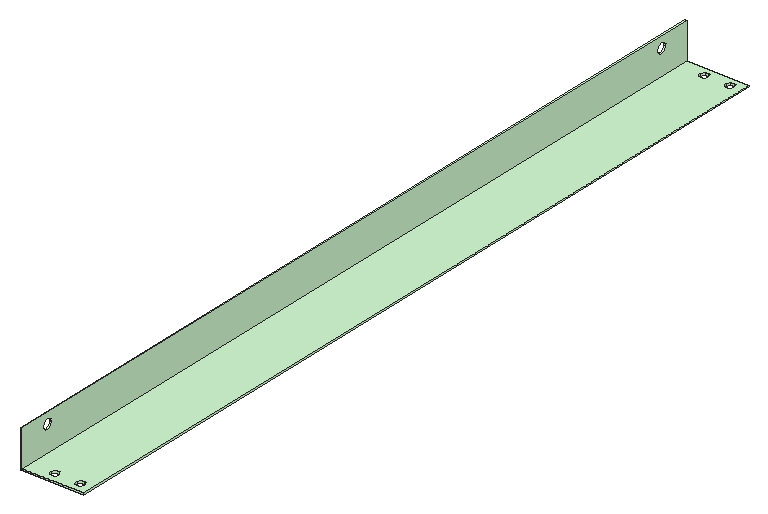
Revit family "rakkabosi_line_tenkenko", category 機械設備, Revit 2022
Family settings
  丸型コネクタ寸法 = 直径を使用
  種別 = なし
  パーツ タイプ = 標準
  作業面ベース = いいえ
  常に垂直 = はい
  ロード時にボイドで切り取り = いいえ
  注釈の向きを維持 = いいえ
  共有 = いいえ
  部屋計算ポイント = いいえ
Parameters
  製造元 = "株式会社桐井製作所"
  既定の高さ = 0 mm
  URL = "https://www.kirii.co.jp/"
  K_長さ(mm) = 394 mm
  K_品名 = "ライン点検口落下防止"
  K_名称 = "ライン落下低減対策金具"
  K_バージョン情報 = "20220915"
Reference planes
  plane 1 "中心(正面/背面)": y = 0
  plane 2: z = 0
  plane 3 "中心(左/右)": x = 0
Forms (mm)
  Extrusion 1, solid
    sketch origin (0, 0, 0) x (1, 0, 0) y (0, 0, 1)
      loop
        line (0, 0) -> (30, 0) -> (30, 0.8) -> (0.8, 0.8) -> (0.8, 18.008) -> (0, 18.008) -> (0, 0)
    from 0 to 394
  Extrusion 2, void
    sketch origin (0, 0, 0) x (0, 1, 0) y (0, 0, 1)
      loop
        circle (-15, 13) r 2.5
      loop
        circle (-379, 13) r 2.5
    from 0 to 0.8
  Extrusion 3, void
    sketch origin (0, 0, 0) x (1, 0, 0) y (0, 1, 0)
      loop
        circle (25, -389.5) r 2
      loop
        circle (12.8, -389.5) r 2
      loop
        circle (25, -4.5) r 2
      loop
        circle (12.8, -4.5) r 2
    from 0 to 0.8
Cuts and joins
  Extrusion 2, Extrusion 3 cuts Extrusion 1
Dimensions and locks
  aligned and locked: level to plane 2
